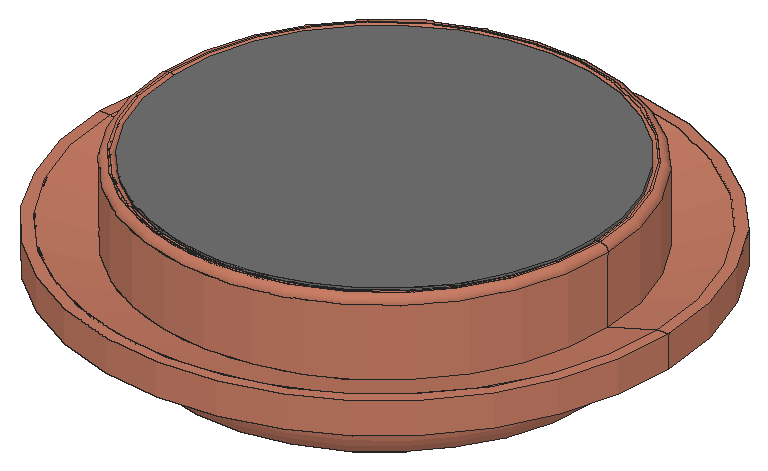
Revit family
Parameters (values of type "2140-02")
  Weight (lb) = 41.45
  Waste Connection = no
  Warranty = "1 year material and workmanship"  # constant formula
  Vent Connection = no
  URL = "http://www.jrsmith.com"
  Technical and Installation = "http://www.jrsmith.com/products/floor/tech_data_index.htm"
  SmartBIM Object Version = 3  # constant formula
  SmartBIM Object Created By = "Reed Construction Data"  # constant formula
  Push On = yes
  Product URL = "http://www.jrsmith.com/products/floor/submittal/d2140.pdf"
  Pipe Radius = Pipe Diameter / 2  # 1"
  Pipe Diameter = 2"
  Outlet Diameter = "2\""
  OmniClass Title = "Sanitary Drains"  # constant formula
  OmniClass Code = "22-22 13 19 13"  # constant formula
  No Hub = yes
  Model = "2140"  # constant formula
  Material Finish = Duco Coated
  Material = Cast Iron
  Manufacturer = "Jay R. Smith Mfg. Co. "  # constant formula
  Free Area (sq. in) = "29"  # constant formula
  Flow Rate = ""
  Description = "Duco cast iron body and flashing collar with cast iron bar grate"  # constant formula
  Default Elevation = 0"
  Connection Type = ""
  B = 3 3/4"
  Assembly Code = "D2030300"
  95 CSI = "15155"  # constant formula
  04 CSI = "22 13 19"  # constant formula
Types (5): name | Weight (lb) | Pipe Radius | Pipe Diameter | Outlet Diameter
  2140-02 | 41.45 | 1" | 2" | "2\""
  2140-03 | 42.6 | 1 1/2" | 3" | "3\""
  2140-04 | 43.18 | 2" | 4" | "4\""
  2140-05 | 42 | 2 1/2" | 5" | "5\""
  2140-06 | 40.2 | 3" | 6" | "6\""
Reference planes (in)
  plane 1 "Center (Front/Back)": y = 0
  plane 2: z = 0
  plane 3 "Center (Left/Right)": x = 0
  plane 4: z = 0.125
  plane 5: z = -1.875
  plane 6: z = -5.625
Dimensions and locks (in)
  locked: plane 4 to level at 0.125
  "B": plane 5 to plane 6
  aligned and locked: level to plane 2
  aligned and locked: plane 1 "Center (Front/Back)" to nested 1
  aligned and locked: plane 3 "Center (Left/Right)" to nested 1
  aligned and locked: plane 4 to nested 1
  aligned and locked: plane 6 to nested 1
Nested families (in)
  nested 1: "2140" at (0, 0, -2.29762), type "2140"
Connectors (in)
  piping at (0, 0, -5.625), driven by "Pipe Radius"
    settings: on nested 1, index 1
Definition of nested family "2140"
  Parameters (values of type "2140")
    Weight (lb) = 41.45
    Waste Connection = no
    Warranty = "1 year material and workmanship"  # constant formula
    Vent Connection = no
    URL = "http://www.jrsmith.com"
    Technical and Installation = "http://www.jrsmith.com/products/floor/tech_data_index.htm"
    SmartBIM Object Version = 3  # constant formula
    SmartBIM Object Created By = "Reed Construction Data"  # constant formula
    Push On = yes
    Product URL = "http://www.jrsmith.com/products/floor/submittal/d2140.pdf"
    Pipe Radius = Pipe Diameter / 2  # 1"
    Pipe Diameter = 2"
    OmniClass Title = "Sanitary Drains"  # constant formula
    OmniClass Code = "22-22 13 19 13"  # constant formula
    No Hub = yes
    Model = "2140"  # constant formula
    Material Finish = Duco Coated
    Material = Cast Iron
    Manufacturer = "Jay R. Smith Mfg. Co. "  # constant formula
    Free Area (sq. in) = "29"  # constant formula
    Flow Rate = ""
    Description = "Duco cast iron body and flashing collar with cast iron bar grate"  # constant formula
    Default Elevation = 0"
    Connection Type = ""
    B = 3 3/4"
    Assembly Code = "D2030300"
    95 CSI = "15155"  # constant formula
    04 CSI = "22 13 19"  # constant formula
  Reference planes (in)
    plane 1 "Center (Front/Back)": y = 0
    plane 2: z = 0
    plane 3 "Center (Left/Right)": x = 0
    plane 4: x = -7.625
    plane 5: x = -7.625
    plane 6: x = 7.625
    plane 7: y = 0.34518
    plane 8: x = -6
    plane 9: x = 6
    plane 10: x = -1
    plane 11: x = 1
    plane 12: z = 0.42262
    plane 13: z = -3.32738
    plane 14: z = 2.42262
  Forms (in)
    Revolve 1, solid, material "Cast Iron" <- "Material"
      sketch origin (0, 0, 0) x (1, 0, 0) y (0, 0, 1)
        loop
          arc (5, -1.70864) -> (5.70711, -1.41575) -> (6, -0.70864) r 1
          line (6, -0.70864) -> (6, -0.53865)
          arc (6, -0.53865) -> (6.02566, -0.46278) -> (6.09211, -0.41806) r 0.125
          line (6.09211, -0.41806) -> (7.625, 0) -> (7.625, 0.84523) -> (7.34074, 0.84523) -> (6, 0.43718) -> (6, 2.22262)
          arc (6, 2.22262) -> (5.94142, 2.36404) -> (5.8, 2.42262) r 0.2
          line (5.8, 2.42262) -> (5.75035, 2.42262)
          arc (5.75035, 2.42262) -> (5.66735, 2.39109) -> (5.62622, 2.3124) r 0.125
          line (5.62622, 2.3124) -> (5.62622, 1.45481) -> (4.68087, 1.45481) -> (4.68087, 1.3584)
          arc (4.68087, 1.3584) -> (4.7541, 1.18162) -> (4.93087, 1.1084) r 0.25
          line (4.93087, 1.1084) -> (5.5303, 1.1084) -> (5.5303, -0.2106) -> (4.3382, -0.2106)
          arc (4.3382, -0.2106) -> (4.24981, -0.24721) -> (4.2132, -0.3356) r 0.125
          line (4.2132, -0.3356) -> (4.2132, -1.32735) -> (3.83426, -1.32735) -> (3.83426, -1.71323) -> (1.25848, -1.71323)
          arc (1.25848, -1.71323) -> (1.07625, -1.78333) -> (1, -1.96308) r 0.25
          line (1, -1.96308) -> (1, -3.32738) -> (1.40609, -3.32738) -> (1.40609, -2.28484)
          arc (1.40609, -2.28484) -> (1.4427, -2.19645) -> (1.53109, -2.15984) r 0.125
          line (1.53109, -2.15984) -> (4.41307, -2.15984)
          arc (4.41307, -2.15984) -> (4.50146, -2.12323) -> (4.53807, -2.03484) r 0.125
          line (4.53807, -2.03484) -> (4.53807, -1.83364)
          arc (4.53807, -1.83364) -> (4.57468, -1.74525) -> (4.66307, -1.70864) r 0.125
          line (4.66307, -1.70864) -> (5, -1.70864)
        axis (0, 2.42262) -> (0, -3.32738)
      angle from 0 to 360
    Extrusion 2, solid, material "Duco Coated" <- "Material Finish"
      sketch origin (0, 0, 0) x (1, 0, 0) y (0, 1, 0)
        loop
          circle (0, 0) r 5.62622
      from 1.45481 to 2.42262
  Dimensions and locks (in)
    locked: Revolve 1 sketch curve to Revolve 1 sketch curve at 0.40609
    locked: Revolve 1 sketch curve to Revolve 1 sketch curve at 0.17678
    equal spacing: plane 11, plane 3 "Center (Left/Right)", plane 10
    "Pipe Diameter": plane 11 to plane 10
    plane 14 to plane 12 = 2"
    "B": plane 12 to plane 13
    plane 9 to plane 8 = 12"
    plane 6 to plane 5 = 15 1/4"
    locked: Revolve 1 sketch curve to plane 3 "Center (Left/Right)" at 3.83426
    aligned and locked: level to plane 2
  Automatic sketch dimensions
    Revolve 1 sketch curve to plane 3 "Center (Left/Right)" = 0"
    Revolve 1 sketch curve to plane 11 = 0"
    Revolve 1 sketch curve to plane 14 = 0"
    Revolve 1 sketch curve to plane 9 = 0"  (x2)
    Revolve 1 sketch curve to plane 6 = 0"
    Revolve 1 sketch curve to plane 13 = 0"
    Revolve 1 sketch curve to level = 0"
    Revolve 1 sketch curve to Revolve 1 sketch curve = 1/4"  (x2)
    Revolve 1 sketch curve to Revolve 1 sketch curve = 0.00848"
    Revolve 1 sketch curve to level = 0.3356"
    Revolve 1 sketch curve to Revolve 1 sketch curve = 0.37894"
    Revolve 1 sketch curve to Revolve 1 sketch curve = 1/8"  (x3)
    Revolve 1 sketch curve to Revolve 1 sketch curve = 0"  (x2)
    Revolve 1 sketch curve to Revolve 1 sketch curve = 0.57881"
    plane 9 to Revolve 1 sketch curve = 1.31913"
    Revolve 1 sketch curve to Revolve 1 sketch curve = 0.33693"
    Revolve 1 sketch curve to Revolve 1 sketch curve = 0.09592"
    plane 14 to Revolve 1 sketch curve = 0.11021"
    Revolve 1 sketch curve to Revolve 1 sketch curve = 0.12412"
    Revolve 1 sketch curve to Revolve 1 sketch curve = 0.04965"
    Revolve 1 sketch curve to plane 9 = 0.09211"
    Revolve 1 sketch curve to Revolve 1 sketch curve = 0.03289"
    Revolve 1 sketch curve to Revolve 1 sketch curve = 0.28426"
    Revolve 1 sketch curve to plane 13 = 1.04254"
    Revolve 1 sketch curve to Revolve 1 sketch curve = 0.32176"
    Revolve 1 sketch curve to Revolve 1 sketch curve = 0.2012"
    Revolve 1 sketch curve to level = 1.38893"
    Revolve 1 sketch curve to Revolve 1 sketch curve = 0.38587"
    Revolve 1 sketch curve to Revolve 1 sketch curve = 0.16999"
    Revolve 1 sketch curve to level = 0.2106"
    Revolve 1 sketch curve to plane 12 = 0.01456"
    Revolve 1 sketch curve to plane 12 = 0.42262"
    Revolve 1 sketch curve to plane 12 = 0.68578"
    Revolve 1 sketch curve to Revolve 1 sketch curve = 0.09641"
    Revolve 1 sketch curve to Revolve 1 sketch curve = 0.075"
    Revolve 1 sketch curve to plane 14 = 1.85963"
    Extrusion 2 sketch curve to plane 1 "Center (Front/Back)" = 0"
    Extrusion 2 sketch curve to plane 3 "Center (Left/Right)" = 0"
    radius of Extrusion 2 sketch curve = 5.62622"
